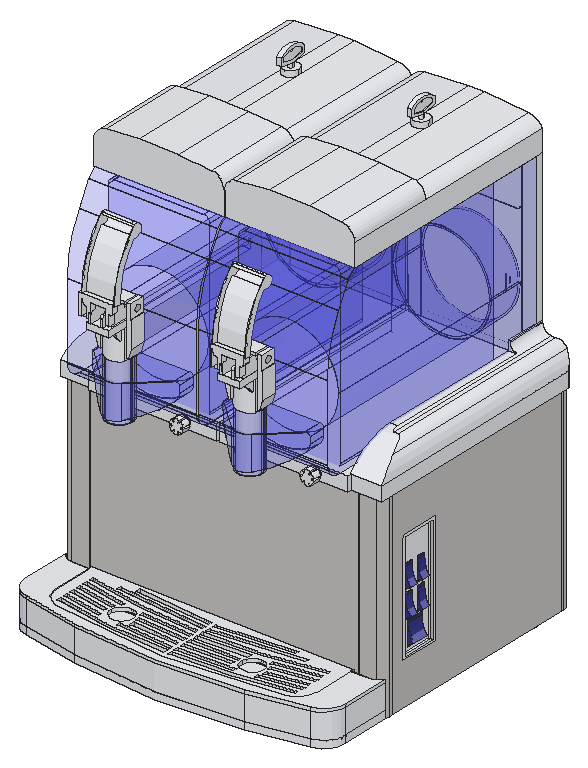
Revit family "QF_ELECTROLUXPROFESSIONAL_560101_SP2NewUV", category Specialty Equipment, Revit 2018
Family settings
  Round Connector Dimension = Use Diameter
  Part Type = Normal
  Work Plane-Based = No
  Always vertical = Yes
  Cut with Voids When Loaded = No
  Shared = No
  Room Calculation Point = No
Parameters (values of type "Standard")
  Watts = 0 W
  Volts = 220 V
  URL Manufacturer = "http://professional.electrolux.com"
  URL = "http://professional.electrolux.com"
  Steam Supply Size = 0 mm
  Steam Supply Minimum Pressure = 0.0 Pa
  Steam Supply Maximum Pressure = 0.0 Pa
  Steam Pounds per Hour = 0
  Refrigeration Suction Line Size = 0 mm
  Refrigeration Liquid Line Size = 0 mm
  Refrigerant Compressor Remote = yes
  Manufacturer = "Electrolux Professional"
  Phase = 1
  Model = "SP2NewUV"
  Length Actual = 447 mm  # constant formula
  Item Number = "560101"
  Hot Water Size = 0 mm
  Height Actual = 613 mm  # constant formula
  HP = "1.1 HP"
  Gas Size = 0 mm
  Gas KW = 0
  Gas Input Pressure = 0 W
  Direct Waste Size = 0 mm
  Description = "2x5 LITERS BOWL - FROZEN GRANITA AND FROZEN CREAM DISPENSER -  2 INSULATED BOWL - UV LIGHT"
  Depth Actual = 442 mm  # constant formula
  Cycle = 50 Hz
  Condensate Return Size = 0 mm
  Compressed Air Volume = 0.0 L/s
  Compressed Air Size = 0 mm
  Compressed Air Pressure = 0.0 Pa
  Cold Water Size = 0 mm
  Accessory = yes
Reference planes
  plane 1 "Center (Front/Back)": y = 0
  plane 2 "BASE": z = 0
  plane 3 "Center (Left/Right)": x = 0
  plane 4 "FEET": z = 14
  plane 5 "BACK": y = 212
  plane 6 "LEFT": x = -223.5
  plane 7 "RIGHT": x = 223.5
  plane 8: y = 169
  plane 9: y = -118.5
  plane 10 "BackButton": z = 362.798
  plane 11 "TOP": z = 640
  plane 12 "FRONT": y = -230
Forms (mm)
  Extrusion 1, solid, material "QF_Finishes_Rubber Black"
    sketch origin (-29, 0, 0) x (1, 0, 0) y (0, 1, 0)
      loop
        circle (-163.5, 169) r 12.5
    from 0 to 3
  Blend 2, solid
    base sketch origin (-29, 0, 0) x (1, 0, 0) y (0, 1, 0)
      loop
        circle (-163.5, 169) r 15.5
    top sketch origin (-29, 0, 0) x (1, 0, 0) y (0, 1, 0)
      loop
        circle (-163.5, 169) r 17
    from 3 to 14
  Extrusion 3, solid, material "QF_Finishes_Rubber Black"
    sketch origin (171, 0, 0) x (1, 0, 0) y (0, 1, 0)
      loop
        circle (21.5, 169) r 12.5
    from 0 to 3
  Blend 4, solid
    base sketch origin (171, 0, 0) x (1, 0, 0) y (0, 1, 0)
      loop
        circle (21.5, 169) r 15.5
    top sketch origin (171, 0, 0) x (1, 0, 0) y (0, 1, 0)
      loop
        circle (21.5, 169) r 17
    from 3 to 14
  Extrusion 5, solid, material "QF_Finishes_Rubber Black"
    sketch origin (171, -267.5, 0) x (1, 0, 0) y (0, 1, 0)
      loop
        circle (21.5, 186.5) r 12.5
    from 0 to 3
  Blend 6, solid
    base sketch origin (171, -267.5, 0) x (1, 0, 0) y (0, 1, 0)
      loop
        circle (21.5, 186.5) r 15.5
    top sketch origin (171, -267.5, 0) x (1, 0, 0) y (0, 1, 0)
      loop
        circle (21.5, 186.5) r 17
    from 3 to 14
  Extrusion 7, solid, material "QF_Finishes_Rubber Black"
    sketch origin (-29, -267.5, 0) x (1, 0, 0) y (0, 1, 0)
      loop
        circle (-163.5, 186.5) r 12.5
    from 0 to 3
  Blend 8, solid
    base sketch origin (-29, -267.5, 0) x (1, 0, 0) y (0, 1, 0)
      loop
        circle (-163.5, 186.5) r 15.5
    top sketch origin (-29, -267.5, 0) x (1, 0, 0) y (0, 1, 0)
      loop
        circle (-163.5, 186.5) r 17
    from 3 to 14
  Extrusion 9, solid, material "QF_Finishes_Stainless Steel"
    sketch origin (-198, 50, 14) x (-1, 0, 0) y (0, -1, 0)
      loop
        circle (-21.5, 81) r 10
    from 0 to -10
  Extrusion 10, solid, material "QF_Finishes_Stainless Steel"
    sketch origin (223.5, 0, 0) x (0, -1, 0) y (0, 0, 1)
      loop
        line (-195.256, 14) -> (96.764, 14) -> (96.764, 286) -> (-195.256, 286) -> (-195.256, 14)
      loop
        line (75.773, 225.287) -> (25.71, 225.287) -> (25.71, 75.287) -> (75.773, 75.287) -> (75.773, 225.287)
    from 6 to 3
  Extrusion 11, solid, material "QF_Finishes_Stainless Steel"
    sketch origin (-225.5, 0, 0) x (0, -1, 0) y (0, 0, -1)
      loop
        line (-195.256, -14) -> (-195.256, -286) -> (96.764, -286) -> (96.764, -14) -> (-195.256, -14)
    from 8 to 5
  Extrusion 12, solid, material "QF_Finishes_Stainless Steel"
    sketch origin (0, 0, 14) x (-1, 0, 0) y (0, -1, 0)
      loop
        line (-220.5, 100.829) -> (-220.5, 96.764) -> (-217.5, 96.764) -> (-217.5, 100.829)
        arc (-217.5, 100.829) -> (-215.45, 105.778) -> (-210.5, 107.829) r 7
        line (-210.5, 107.829) -> (-185.657, 107.829) -> (-185.657, 110.829) -> (-210.5, 110.829)
        arc (-210.5, 110.829) -> (-217.571, 107.9) -> (-220.5, 100.829) r 10
    from 0 to 272
  Extrusion 13, solid, material "QF_Finishes_Stainless Steel"
    sketch origin (0, 0, 14) x (1, 0, 0) y (0, 1, 0)
      loop
        arc (-220.5, -100.829) -> (-217.571, -107.9) -> (-210.5, -110.829) r 10
        line (-210.5, -110.829) -> (-185.657, -110.829) -> (-185.657, -107.829) -> (-210.5, -107.829)
        arc (-210.5, -107.829) -> (-215.45, -105.778) -> (-217.5, -100.829) r 7
        line (-217.5, -100.829) -> (-217.5, -96.764) -> (-220.5, -96.764) -> (-220.5, -100.829)
    from 0 to 272
  Extrusion 14, solid, material "QF_Finishes_Stainless Steel"
    sketch origin (0, 98.492, 14) x (-1, 0, 0) y (0, -1, 0)
      loop
        arc (-220.5, -100.829) -> (-217.571, -107.9) -> (-210.5, -110.829) r 10
        line (-210.5, -110.829) -> (-185.657, -110.829) -> (-185.657, -107.829) -> (-210.5, -107.829)
        arc (-210.5, -107.829) -> (-215.45, -105.778) -> (-217.5, -100.829) r 7
        line (-217.5, -100.829) -> (-217.5, -96.764) -> (-220.5, -96.764) -> (-220.5, -100.829)
    from 0 to 272
  Extrusion 15, solid, material "QF_Finishes_Stainless Steel"
    sketch origin (0, 98.492, 14) x (1, 0, 0) y (0, 1, 0)
      loop
        line (-220.5, 100.829) -> (-220.5, 96.764) -> (-217.5, 96.764) -> (-217.5, 100.829)
        arc (-217.5, 100.829) -> (-215.45, 105.778) -> (-210.5, 107.829) r 7
        line (-210.5, 107.829) -> (-185.657, 107.829) -> (-185.657, 110.829) -> (-210.5, 110.829)
        arc (-210.5, 110.829) -> (-217.571, 107.9) -> (-220.5, 100.829) r 10
    from 0 to 272
  Extrusion 16, solid, material "QF_Finishes_White"
    sketch origin (0, 0, 14) x (-1, 0, 0) y (0, -1, 0)
      loop
        line (185.657, -209.321) -> (185.657, -206.321) -> (-185.657, -206.321) -> (-185.657, -209.321) -> (185.657, -209.321)
    from 0 to 272
  Extrusion 17, solid, material "QF_Finishes_Stainless Steel"
    sketch origin (0, 0, 14) x (-1, 0, 0) y (0, -1, 0)
      loop
        line (185.657, 107.829) -> (185.657, 110.829) -> (-185.657, 110.829) -> (-185.657, 107.829) -> (185.657, 107.829)
    from 0 to 272
  Extrusion 18, solid, material "QF_Finishes_White"
    sketch origin (0, 0, 0) x (0, 1, 0) y (0, 0, 1)
      loop
        line (-77.773, 227.287) -> (-77.773, 73.287) -> (-23.71, 73.287) -> (-23.71, 227.287) -> (-77.773, 227.287)
    from 210.5 to 220.5
  Extrusion 19, void
    sketch origin (0, 0, 0) x (0, 1, 0) y (0, 0, 1)
      loop
        line (-75.773, 225.287) -> (-75.773, 75.287) -> (-25.71, 75.287) -> (-25.71, 225.287) -> (-75.773, 225.287)
    from 212.5 to 220.5
  Extrusion 20, solid, material "QF_Finishes_Rubber Black"
    sketch origin (0, -225, 0) x (-1, 0, 0) y (0, 0, 1)
      loop
        line (-212.5, 113.524) -> (-214.745, 113.524) -> (-214.745, 110.624)
        arc (-214.745, 110.624) -> (-216.502, 98.098) -> (-221.637, 86.539) r 45.529
        line (-221.637, 86.539) -> (-214.745, 83.471) -> (-214.745, 81.362) -> (-212.5, 81.362) -> (-212.5, 113.524)
    from 186 to 163
  Extrusion 21, solid, material "QF_Finishes_Rubber Black"
    sketch origin (0, -225, 0) x (-1, 0, 0) y (0, 0, 1)
      loop
        line (-212.5, 185.457) -> (-214.745, 185.457) -> (-214.745, 182.557)
        arc (-214.745, 182.557) -> (-216.502, 170.032) -> (-221.637, 158.473) r 45.529
        line (-221.637, 158.473) -> (-214.745, 155.405) -> (-214.745, 153.296) -> (-212.5, 153.296) -> (-212.5, 185.457)
    from 190 to 180
  Extrusion 22, solid, material "QF_Finishes_Rubber Black"
    sketch origin (0, -225, 0) x (-1, 0, 0) y (0, 0, 1)
      loop
        line (-212.5, 148.728) -> (-214.745, 148.728) -> (-214.745, 145.828)
        arc (-214.745, 145.828) -> (-216.502, 133.303) -> (-221.637, 121.744) r 45.529
        line (-221.637, 121.744) -> (-214.745, 118.675) -> (-214.745, 116.567) -> (-212.5, 116.567) -> (-212.5, 148.728)
    from 190 to 180
  Extrusion 23, solid, material "QF_Finishes_Rubber Black"
    sketch origin (0, 123.518, 0) x (-1, 0, 0) y (0, 0, -1)
      loop
        line (-212.5, -185.457) -> (-212.5, -153.296) -> (-214.745, -153.296) -> (-214.745, -155.405) -> (-221.637, -158.473)
        arc (-221.637, -158.473) -> (-216.502, -170.032) -> (-214.745, -182.557) r 45.529
        line (-214.745, -182.557) -> (-214.745, -185.457) -> (-212.5, -185.457)
    from 190 to 180
  Extrusion 24, solid, material "QF_Finishes_Rubber Black"
    sketch origin (0, 123.518, 0) x (-1, 0, 0) y (0, 0, -1)
      loop
        line (-212.5, -148.728) -> (-212.5, -116.567) -> (-214.745, -116.567) -> (-214.745, -118.675) -> (-221.637, -121.744)
        arc (-221.637, -121.744) -> (-216.502, -133.303) -> (-214.745, -145.828) r 45.529
        line (-214.745, -145.828) -> (-214.745, -148.728) -> (-212.5, -148.728)
    from 190 to 180
  Extrusion 25, solid, material "QF_Finishes_White"
    sketch origin (0, 0, 14) x (-1, 0, 0) y (0, -1, 0)
      loop
        arc (203.5, 118) -> (213.228, 115.474) -> (220.5, 108.536) r 20
        line (220.5, 108.536) -> (220.5, 176.53)
        arc (220.5, 176.53) -> (213.649, 195.612) -> (196.224, 205.979) r 30
        line (196.224, 205.979) -> (117.634, 221.255)
        arc (117.634, 221.255) -> (0, 230) -> (-117.634, 221.255) r 795.559
        line (-117.634, 221.255) -> (-196.224, 205.979)
        arc (-196.224, 205.979) -> (-213.649, 195.612) -> (-220.5, 176.53) r 30
        line (-220.5, 176.53) -> (-220.5, 108.536)
        arc (-220.5, 108.536) -> (-213.228, 115.474) -> (-203.5, 118) r 20
        line (-203.5, 118) -> (-180.657, 118) -> (-180.657, 174.118)
        arc (-180.657, 174.118) -> (-173.912, 193.071) -> (-156.71, 203.501) r 30
        arc (-156.71, 203.501) -> (0, 219.475) -> (156.71, 203.501) r 776.665
        arc (156.71, 203.501) -> (173.912, 193.071) -> (180.657, 174.118) r 30
        line (180.657, 174.118) -> (180.657, 118) -> (203.5, 118)
    from 0 to 49
  Extrusion 26, solid, material "QF_Finishes_White"
    sketch origin (0, 0, 14) x (-1, 0, 0) y (0, -1, 0)
      loop
        line (220.5, 108.536) -> (220.5, 176.53)
        arc (220.5, 176.53) -> (213.649, 195.612) -> (196.224, 205.979) r 30
        line (196.224, 205.979) -> (117.634, 221.255)
        arc (117.634, 221.255) -> (0, 230) -> (-117.634, 221.255) r 795.559
        line (-117.634, 221.255) -> (-196.224, 205.979)
        arc (-196.224, 205.979) -> (-213.649, 195.612) -> (-220.5, 176.53) r 30
        line (-220.5, 176.53) -> (-220.5, 108.536)
        arc (-220.5, 108.536) -> (-213.228, 115.474) -> (-203.5, 118) r 20
        line (-203.5, 118) -> (-180, 118) -> (-180, 113) -> (180, 113) -> (180, 118) -> (203.5, 118)
        arc (203.5, 118) -> (213.228, 115.474) -> (220.5, 108.536) r 20
    from 45 to 49
  Extrusion 27, solid, material "QF_Finishes_White"
    sketch origin (0, 0, 14) x (-1, 0, 0) y (0, -1, 0)
      loop
        line (220.5, 108.536) -> (220.5, 176.53)
        arc (220.5, 176.53) -> (213.649, 195.612) -> (196.224, 205.979) r 30
        line (196.224, 205.979) -> (117.634, 221.255)
        arc (117.634, 221.255) -> (0, 230) -> (-117.634, 221.255) r 795.559
        line (-117.634, 221.255) -> (-196.224, 205.979)
        arc (-196.224, 205.979) -> (-213.649, 195.612) -> (-220.5, 176.53) r 30
        line (-220.5, 176.53) -> (-220.5, 108.536)
        arc (-220.5, 108.536) -> (-213.228, 115.474) -> (-203.5, 118) r 20
        line (-203.5, 118) -> (-180, 118) -> (-180, 113) -> (180, 113) -> (180, 118) -> (203.5, 118)
        arc (203.5, 118) -> (213.228, 115.474) -> (220.5, 108.536) r 20
    from 0 to 10
  Extrusion 28, void
    sketch origin (0, 0, 14) x (-1, 0, 0) y (0, -1, 0)
      loop
        circle (90, 174.177) r 15.5
      loop
        arc (164.485, 193.398) -> (84.102, 206.528) -> (2.783, 211.117) r 772.106
        line (2.783, 211.117) -> (2.783, 205.117)
        arc (2.783, 205.117) -> (84.109, 200.491) -> (164.485, 187.256) r 766.106
        line (164.485, 187.256) -> (164.485, 193.398)
      loop
        line (2.783, 200.117) -> (2.783, 194.117)
        arc (2.783, 194.117) -> (41.62, 192.974) -> (80.347, 189.836) r 755.106
        line (80.347, 189.836) -> (80.347, 195.869)
        arc (80.347, 195.869) -> (41.619, 198.984) -> (2.783, 200.117) r 761.106
      loop
        line (2.783, 189.117) -> (2.783, 183.117)
        arc (2.783, 183.117) -> (36.168, 182.243) -> (69.481, 179.871) r 744.106
        line (69.481, 179.871) -> (69.481, 185.897)
        arc (69.481, 185.897) -> (36.168, 188.25) -> (2.783, 189.117) r 750.106
      loop
        line (2.783, 178.117) -> (2.783, 172.117)
        arc (2.783, 172.117) -> (37.054, 171.185) -> (71.244, 168.652) r 733.106
        line (71.244, 168.652) -> (71.244, 174.681)
        arc (71.244, 174.681) -> (37.054, 177.193) -> (2.783, 178.117) r 739.106
      loop
        line (2.783, 167.117) -> (2.783, 161.117)
        arc (2.783, 161.117) -> (38.826, 160.078) -> (74.773, 157.241) r 722.106
        line (74.773, 157.241) -> (74.773, 163.273)
        arc (74.773, 163.273) -> (38.825, 166.086) -> (2.783, 167.117) r 728.106
      loop
        line (2.783, 156.117) -> (2.783, 150.117)
        arc (2.783, 150.117) -> (84.188, 145.121) -> (164.485, 130.837) r 711.106
        line (164.485, 130.837) -> (164.485, 137.003)
        arc (164.485, 137.003) -> (84.178, 151.165) -> (2.783, 156.117) r 717.106
      loop
        line (107.446, 192.5) -> (107.446, 186.439)
        arc (107.446, 186.439) -> (136.066, 181.762) -> (164.485, 175.99) r 755.106
        line (164.485, 175.99) -> (164.485, 182.136)
        arc (164.485, 182.136) -> (136.064, 187.861) -> (107.446, 192.5) r 761.106
      loop
        line (110.037, 181.007) -> (110.037, 174.941)
        arc (110.037, 174.941) -> (137.356, 170.335) -> (164.485, 164.715) r 744.106
        line (164.485, 164.715) -> (164.485, 170.866)
        arc (164.485, 170.866) -> (137.355, 176.439) -> (110.037, 181.007) r 750.106
      loop
        line (107.446, 170.271) -> (107.446, 164.206)
        arc (107.446, 164.206) -> (136.072, 159.383) -> (164.485, 153.432) r 733.106
        line (164.485, 153.432) -> (164.485, 159.587)
        arc (164.485, 159.587) -> (136.071, 165.489) -> (107.446, 170.271) r 739.106
      loop
        line (101.843, 159.965) -> (101.843, 153.904)
        arc (101.843, 153.904) -> (133.294, 148.713) -> (164.485, 142.139) r 722.106
        line (164.485, 142.139) -> (164.485, 148.3)
        arc (164.485, 148.3) -> (133.292, 154.818) -> (101.843, 159.965) r 728.106
      loop
        line (2.763, 145.117) -> (2.763, 139.117)
        arc (2.763, 139.117) -> (66.368, 135.969) -> (129.424, 127.055) r 700.106
        line (129.424, 127.055) -> (129.424, 133.16)
        arc (129.424, 133.16) -> (66.364, 141.997) -> (2.763, 145.117) r 706.106
      loop
        line (2.72, 134.117) -> (2.72, 128.117)
        arc (2.72, 128.117) -> (56.552, 125.798) -> (110.037, 119.28) r 689.106
        line (110.037, 119.28) -> (110.037, 125.358)
        arc (110.037, 125.358) -> (56.549, 131.818) -> (2.72, 134.117) r 695.106
      loop
        circle (-90, 174.177) r 15.5
      loop
        line (-164.485, 193.398) -> (-164.485, 187.256)
        arc (-164.485, 187.256) -> (-84.109, 200.491) -> (-2.783, 205.117) r 766.106
        line (-2.783, 205.117) -> (-2.783, 211.117)
        arc (-2.783, 211.117) -> (-84.102, 206.528) -> (-164.485, 193.398) r 772.106
      loop
        arc (-2.783, 200.117) -> (-41.619, 198.984) -> (-80.347, 195.869) r 761.106
        line (-80.347, 195.869) -> (-80.347, 189.836)
        arc (-80.347, 189.836) -> (-41.62, 192.974) -> (-2.783, 194.117) r 755.106
        line (-2.783, 194.117) -> (-2.783, 200.117)
      loop
        arc (-2.783, 189.117) -> (-36.168, 188.25) -> (-69.481, 185.897) r 750.106
        line (-69.481, 185.897) -> (-69.481, 179.871)
        arc (-69.481, 179.871) -> (-36.168, 182.243) -> (-2.783, 183.117) r 744.106
        line (-2.783, 183.117) -> (-2.783, 189.117)
      loop
        arc (-2.783, 178.117) -> (-37.054, 177.193) -> (-71.244, 174.681) r 739.106
        line (-71.244, 174.681) -> (-71.244, 168.652)
        arc (-71.244, 168.652) -> (-37.054, 171.185) -> (-2.783, 172.117) r 733.106
        line (-2.783, 172.117) -> (-2.783, 178.117)
      loop
        arc (-2.783, 167.117) -> (-38.825, 166.086) -> (-74.773, 163.273) r 728.106
        line (-74.773, 163.273) -> (-74.773, 157.241)
        arc (-74.773, 157.241) -> (-38.826, 160.078) -> (-2.783, 161.117) r 722.106
        line (-2.783, 161.117) -> (-2.783, 167.117)
      loop
        arc (-2.783, 156.117) -> (-84.178, 151.165) -> (-164.485, 137.003) r 717.106
        line (-164.485, 137.003) -> (-164.485, 130.837)
        arc (-164.485, 130.837) -> (-84.188, 145.121) -> (-2.783, 150.117) r 711.106
        line (-2.783, 150.117) -> (-2.783, 156.117)
      loop
        arc (-107.446, 192.5) -> (-136.064, 187.861) -> (-164.485, 182.136) r 761.106
        line (-164.485, 182.136) -> (-164.485, 175.99)
        arc (-164.485, 175.99) -> (-136.066, 181.762) -> (-107.446, 186.439) r 755.106
        line (-107.446, 186.439) -> (-107.446, 192.5)
      loop
        arc (-110.037, 181.007) -> (-137.355, 176.439) -> (-164.485, 170.866) r 750.106
        line (-164.485, 170.866) -> (-164.485, 164.715)
        arc (-164.485, 164.715) -> (-137.356, 170.335) -> (-110.037, 174.941) r 744.106
        line (-110.037, 174.941) -> (-110.037, 181.007)
      loop
        arc (-107.446, 170.271) -> (-136.071, 165.489) -> (-164.485, 159.587) r 739.106
        line (-164.485, 159.587) -> (-164.485, 153.432)
        arc (-164.485, 153.432) -> (-136.072, 159.383) -> (-107.446, 164.206) r 733.106
        line (-107.446, 164.206) -> (-107.446, 170.271)
      loop
        arc (-101.843, 159.965) -> (-133.292, 154.818) -> (-164.485, 148.3) r 728.106
        line (-164.485, 148.3) -> (-164.485, 142.139)
        arc (-164.485, 142.139) -> (-133.294, 148.713) -> (-101.843, 153.904) r 722.106
        line (-101.843, 153.904) -> (-101.843, 159.965)
      loop
        arc (-2.763, 145.117) -> (-66.364, 141.997) -> (-129.424, 133.16) r 706.106
        line (-129.424, 133.16) -> (-129.424, 127.055)
        arc (-129.424, 127.055) -> (-66.368, 135.969) -> (-2.763, 139.117) r 700.106
        line (-2.763, 139.117) -> (-2.763, 145.117)
      loop
        arc (-2.72, 134.117) -> (-56.549, 131.818) -> (-110.037, 125.358) r 695.106
        line (-110.037, 125.358) -> (-110.037, 119.28)
        arc (-110.037, 119.28) -> (-56.552, 125.798) -> (-2.72, 128.117) r 689.106
        line (-2.72, 128.117) -> (-2.72, 134.117)
    from 35.454 to 54.996
  Extrusion 29, solid, material "QF_Clearances", detail levels coarse
    sketch origin (888.173, -11.659, 0) x (1, 0, 0) y (0, 1, 0)
      loop
        line (-1111.81, -218.341) -> (-1111.81, 223.659) -> (-664.81, 223.659) -> (-664.81, -218.341) -> (-464.81, -218.341) -> (-464.81, 423.659) -> (-1311.81, 423.659) -> (-1311.81, -218.341) -> (-1111.81, -218.341)
    from 0 to 640
Cuts and joins
  Extrusion 19 cuts Extrusion 18
  Extrusion 28 cuts Extrusion 26
  Extrusion 28 cuts Extrusion 27
Lines and regions (mm)
  Split face 1
    outline origin (220.5, 154.141, 0) x (0, -1, 0) y (0, 0, 1)
      loop
        line (54.641, 200.213) -> (-10.359, 200.213) -> (-14.859, 192.213) -> (59.141, 192.213) -> (54.641, 200.213)
  Split face 2
    outline origin (220.5, 154.141, -10) x (0, -1, 0) y (0, 0, 1)
      loop
        line (54.641, 200.213) -> (-10.359, 200.213) -> (-14.859, 192.213) -> (59.141, 192.213) -> (54.641, 200.213)
  Split face 3
    outline origin (220.5, 154.141, -20) x (0, -1, 0) y (0, 0, 1)
      loop
        line (54.641, 200.213) -> (-10.359, 200.213) -> (-14.859, 192.213) -> (59.141, 192.213) -> (54.641, 200.213)
  Split face 4
    outline origin (220.5, 154.141, -30) x (0, -1, 0) y (0, 0, 1)
      loop
        line (54.641, 200.213) -> (-10.359, 200.213) -> (-14.859, 192.213) -> (59.141, 192.213) -> (54.641, 200.213)
  Split face 5
    outline origin (220.5, 154.141, -40) x (0, -1, 0) y (0, 0, 1)
      loop
        line (54.641, 200.213) -> (-10.359, 200.213) -> (-14.859, 192.213) -> (59.141, 192.213) -> (54.641, 200.213)
  Split face 6
    outline origin (220.5, 154.141, -50) x (0, -1, 0) y (0, 0, 1)
      loop
        line (54.641, 200.213) -> (-10.359, 200.213) -> (-14.859, 192.213) -> (59.141, 192.213) -> (54.641, 200.213)
  Split face 7
    outline origin (220.5, 154.141, -60) x (0, -1, 0) y (0, 0, 1)
      loop
        line (54.641, 200.213) -> (-10.359, 200.213) -> (-14.859, 192.213) -> (59.141, 192.213) -> (54.641, 200.213)
  Split face 8
    outline origin (220.5, 154.141, -70) x (0, -1, 0) y (0, 0, 1)
      loop
        line (54.641, 200.213) -> (-10.359, 200.213) -> (-14.859, 192.213) -> (59.141, 192.213) -> (54.641, 200.213)
  Split face 9
    outline origin (220.5, 154.141, -80) x (0, -1, 0) y (0, 0, 1)
      loop
        line (54.641, 200.213) -> (-10.359, 200.213) -> (-14.859, 192.213) -> (59.141, 192.213) -> (54.641, 200.213)
  Split face 10
    outline origin (220.5, 154.141, -90) x (0, -1, 0) y (0, 0, 1)
      loop
        line (54.641, 200.213) -> (-10.359, 200.213) -> (-14.859, 192.213) -> (59.141, 192.213) -> (54.641, 200.213)
  Split face 11
    outline origin (220.5, 154.141, -100) x (0, -1, 0) y (0, 0, 1)
      loop
        line (54.641, 200.213) -> (-10.359, 200.213) -> (-14.859, 192.213) -> (59.141, 192.213) -> (54.641, 200.213)
  Split face 12
    outline origin (220.5, 154.141, -110) x (0, -1, 0) y (0, 0, 1)
      loop
        line (54.641, 200.213) -> (-10.359, 200.213) -> (-14.859, 192.213) -> (59.141, 192.213) -> (54.641, 200.213)
  Split face 13
    outline origin (220.5, 154.141, -120) x (0, -1, 0) y (0, 0, 1)
      loop
        line (54.641, 200.213) -> (-10.359, 200.213) -> (-14.859, 192.213) -> (59.141, 192.213) -> (54.641, 200.213)
  Split face 14
    outline origin (220.5, 154.141, -130) x (0, -1, 0) y (0, 0, 1)
      loop
        line (54.641, 200.213) -> (-10.359, 200.213) -> (-14.859, 192.213) -> (59.141, 192.213) -> (54.641, 200.213)
  Split face 15
    outline origin (220.5, 154.141, -140) x (0, -1, 0) y (0, 0, 1)
      loop
        line (54.641, 200.213) -> (-10.359, 200.213) -> (-14.859, 192.213) -> (59.141, 192.213) -> (54.641, 200.213)
  Split face 16
    outline origin (220.5, 154.141, -150) x (0, -1, 0) y (0, 0, 1)
      loop
        line (54.641, 200.213) -> (-10.359, 200.213) -> (-14.859, 192.213) -> (59.141, 192.213) -> (54.641, 200.213)
  Split face 17
    outline origin (220.5, 154.141, 70) x (0, -1, 0) y (0, 0, 1)
      loop
        line (54.641, 200.213) -> (-10.359, 200.213) -> (-14.859, 192.213) -> (59.141, 192.213) -> (54.641, 200.213)
  Split face 18
    outline origin (220.5, 154.141, 60) x (0, -1, 0) y (0, 0, 1)
      loop
        line (54.641, 200.213) -> (-10.359, 200.213) -> (-14.859, 192.213) -> (59.141, 192.213) -> (54.641, 200.213)
  Split face 19
    outline origin (220.5, 154.141, 50) x (0, -1, 0) y (0, 0, 1)
      loop
        line (54.641, 200.213) -> (-10.359, 200.213) -> (-14.859, 192.213) -> (59.141, 192.213) -> (54.641, 200.213)
  Split face 20
    outline origin (220.5, 154.141, 40) x (0, -1, 0) y (0, 0, 1)
      loop
        line (54.641, 200.213) -> (-10.359, 200.213) -> (-14.859, 192.213) -> (59.141, 192.213) -> (54.641, 200.213)
  Split face 21
    outline origin (220.5, 154.141, 30) x (0, -1, 0) y (0, 0, 1)
      loop
        line (54.641, 200.213) -> (-10.359, 200.213) -> (-14.859, 192.213) -> (59.141, 192.213) -> (54.641, 200.213)
  Split face 22
    outline origin (220.5, 154.141, 20) x (0, -1, 0) y (0, 0, 1)
      loop
        line (54.641, 200.213) -> (-10.359, 200.213) -> (-14.859, 192.213) -> (59.141, 192.213) -> (54.641, 200.213)
  Split face 23
    outline origin (220.5, 154.141, 10) x (0, -1, 0) y (0, 0, 1)
      loop
        line (54.641, 200.213) -> (-10.359, 200.213) -> (-14.859, 192.213) -> (59.141, 192.213) -> (54.641, 200.213)
  Split face 24
    outline origin (-220.5, -2.859, 0) x (0, -1, 0) y (0, 0, -1)
      loop
        line (-30.859, -262.213) -> (-104.859, -262.213) -> (-100.359, -270.213) -> (-35.359, -270.213) -> (-30.859, -262.213)
  Split face 25
    outline origin (-220.5, -2.859, 0) x (0, -1, 0) y (0, 0, -1)
      loop
        line (-30.859, -252.213) -> (-104.859, -252.213) -> (-100.359, -260.213) -> (-35.359, -260.213) -> (-30.859, -252.213)
  Split face 26
    outline origin (-220.5, -2.859, 0) x (0, -1, 0) y (0, 0, -1)
      loop
        line (-30.859, -242.213) -> (-104.859, -242.213) -> (-100.359, -250.213) -> (-35.359, -250.213) -> (-30.859, -242.213)
  Split face 27
    outline origin (-220.5, -2.859, -20) x (0, -1, 0) y (0, 0, -1)
      loop
        line (-30.859, -252.213) -> (-104.859, -252.213) -> (-100.359, -260.213) -> (-35.359, -260.213) -> (-30.859, -252.213)
  Split face 28
    outline origin (-220.5, -2.859, -20) x (0, -1, 0) y (0, 0, -1)
      loop
        line (-30.859, -242.213) -> (-104.859, -242.213) -> (-100.359, -250.213) -> (-35.359, -250.213) -> (-30.859, -242.213)
  Split face 29
    outline origin (-220.5, -2.859, -40) x (0, -1, 0) y (0, 0, -1)
      loop
        line (-30.859, -252.213) -> (-104.859, -252.213) -> (-100.359, -260.213) -> (-35.359, -260.213) -> (-30.859, -252.213)
  Split face 30
    outline origin (-220.5, -2.859, -40) x (0, -1, 0) y (0, 0, -1)
      loop
        line (-30.859, -242.213) -> (-104.859, -242.213) -> (-100.359, -250.213) -> (-35.359, -250.213) -> (-30.859, -242.213)
  Split face 31
    outline origin (-220.5, -2.859, -60) x (0, -1, 0) y (0, 0, -1)
      loop
        line (-30.859, -252.213) -> (-104.859, -252.213) -> (-100.359, -260.213) -> (-35.359, -260.213) -> (-30.859, -252.213)
  Split face 32
    outline origin (-220.5, -2.859, -60) x (0, -1, 0) y (0, 0, -1)
      loop
        line (-30.859, -242.213) -> (-104.859, -242.213) -> (-100.359, -250.213) -> (-35.359, -250.213) -> (-30.859, -242.213)
  Split face 33
    outline origin (-220.5, -2.859, -80) x (0, -1, 0) y (0, 0, -1)
      loop
        line (-30.859, -252.213) -> (-104.859, -252.213) -> (-100.359, -260.213) -> (-35.359, -260.213) -> (-30.859, -252.213)
  Split face 34
    outline origin (-220.5, -2.859, -80) x (0, -1, 0) y (0, 0, -1)
      loop
        line (-30.859, -242.213) -> (-104.859, -242.213) -> (-100.359, -250.213) -> (-35.359, -250.213) -> (-30.859, -242.213)
  Split face 35
    outline origin (-220.5, -2.859, -100) x (0, -1, 0) y (0, 0, -1)
      loop
        line (-30.859, -252.213) -> (-104.859, -252.213) -> (-100.359, -260.213) -> (-35.359, -260.213) -> (-30.859, -252.213)
  Split face 36
    outline origin (-220.5, -2.859, -100) x (0, -1, 0) y (0, 0, -1)
      loop
        line (-30.859, -242.213) -> (-104.859, -242.213) -> (-100.359, -250.213) -> (-35.359, -250.213) -> (-30.859, -242.213)
  Split face 37
    outline origin (-220.5, -2.859, -120) x (0, -1, 0) y (0, 0, -1)
      loop
        line (-30.859, -252.213) -> (-104.859, -252.213) -> (-100.359, -260.213) -> (-35.359, -260.213) -> (-30.859, -252.213)
  Split face 38
    outline origin (-220.5, -2.859, -120) x (0, -1, 0) y (0, 0, -1)
      loop
        line (-30.859, -242.213) -> (-104.859, -242.213) -> (-100.359, -250.213) -> (-35.359, -250.213) -> (-30.859, -242.213)
  Split face 39
    outline origin (-220.5, -2.859, -140) x (0, -1, 0) y (0, 0, -1)
      loop
        line (-30.859, -252.213) -> (-104.859, -252.213) -> (-100.359, -260.213) -> (-35.359, -260.213) -> (-30.859, -252.213)
  Split face 40
    outline origin (-220.5, -2.859, -140) x (0, -1, 0) y (0, 0, -1)
      loop
        line (-30.859, -242.213) -> (-104.859, -242.213) -> (-100.359, -250.213) -> (-35.359, -250.213) -> (-30.859, -242.213)
  Split face 41
    outline origin (-220.5, -2.859, -160) x (0, -1, 0) y (0, 0, -1)
      loop
        line (-30.859, -252.213) -> (-104.859, -252.213) -> (-100.359, -260.213) -> (-35.359, -260.213) -> (-30.859, -252.213)
  Split face 42
    outline origin (-220.5, -2.859, -160) x (0, -1, 0) y (0, 0, -1)
      loop
        line (-30.859, -242.213) -> (-104.859, -242.213) -> (-100.359, -250.213) -> (-35.359, -250.213) -> (-30.859, -242.213)
  Split face 43
    outline origin (-220.5, -2.859, -180) x (0, -1, 0) y (0, 0, -1)
      loop
        line (-30.859, -252.213) -> (-104.859, -252.213) -> (-100.359, -260.213) -> (-35.359, -260.213) -> (-30.859, -252.213)
  Split face 44
    outline origin (-220.5, -2.859, -180) x (0, -1, 0) y (0, 0, -1)
      loop
        line (-30.859, -242.213) -> (-104.859, -242.213) -> (-100.359, -250.213) -> (-35.359, -250.213) -> (-30.859, -242.213)
  Split face 45
    outline origin (-220.5, -2.859, -200) x (0, -1, 0) y (0, 0, -1)
      loop
        line (-30.859, -252.213) -> (-104.859, -252.213) -> (-100.359, -260.213) -> (-35.359, -260.213) -> (-30.859, -252.213)
  Split face 46
    outline origin (-220.5, -2.859, -200) x (0, -1, 0) y (0, 0, -1)
      loop
        line (-30.859, -242.213) -> (-104.859, -242.213) -> (-100.359, -250.213) -> (-35.359, -250.213) -> (-30.859, -242.213)
  Split face 47
    outline origin (-220.5, -92.859, 0) x (0, -1, 0) y (0, 0, -1)
      loop
        line (-30.859, -262.213) -> (-104.859, -262.213) -> (-100.359, -270.213) -> (-35.359, -270.213) -> (-30.859, -262.213)
  Split face 48
    outline origin (-220.5, -92.859, 0) x (0, -1, 0) y (0, 0, -1)
      loop
        line (-30.859, -252.213) -> (-104.859, -252.213) -> (-100.359, -260.213) -> (-35.359, -260.213) -> (-30.859, -252.213)
  Split face 49
    outline origin (-220.5, -92.859, 0) x (0, -1, 0) y (0, 0, -1)
      loop
        line (-30.859, -242.213) -> (-104.859, -242.213) -> (-100.359, -250.213) -> (-35.359, -250.213) -> (-30.859, -242.213)
  Split face 50
    outline origin (-220.5, -92.859, -20) x (0, -1, 0) y (0, 0, -1)
      loop
        line (-30.859, -252.213) -> (-104.859, -252.213) -> (-100.359, -260.213) -> (-35.359, -260.213) -> (-30.859, -252.213)
  Split face 51
    outline origin (-220.5, -92.859, -20) x (0, -1, 0) y (0, 0, -1)
      loop
        line (-30.859, -242.213) -> (-104.859, -242.213) -> (-100.359, -250.213) -> (-35.359, -250.213) -> (-30.859, -242.213)
  Split face 52
    outline origin (-220.5, -92.859, -40) x (0, -1, 0) y (0, 0, -1)
      loop
        line (-30.859, -252.213) -> (-104.859, -252.213) -> (-100.359, -260.213) -> (-35.359, -260.213) -> (-30.859, -252.213)
  Split face 53
    outline origin (-220.5, -92.859, -40) x (0, -1, 0) y (0, 0, -1)
      loop
        line (-30.859, -242.213) -> (-104.859, -242.213) -> (-100.359, -250.213) -> (-35.359, -250.213) -> (-30.859, -242.213)
  Split face 54
    outline origin (-220.5, -92.859, -60) x (0, -1, 0) y (0, 0, -1)
      loop
        line (-30.859, -252.213) -> (-104.859, -252.213) -> (-100.359, -260.213) -> (-35.359, -260.213) -> (-30.859, -252.213)
  Split face 55
    outline origin (-220.5, -92.859, -60) x (0, -1, 0) y (0, 0, -1)
      loop
        line (-30.859, -242.213) -> (-104.859, -242.213) -> (-100.359, -250.213) -> (-35.359, -250.213) -> (-30.859, -242.213)
  Split face 56
    outline origin (-220.5, -92.859, -80) x (0, -1, 0) y (0, 0, -1)
      loop
        line (-30.859, -252.213) -> (-104.859, -252.213) -> (-100.359, -260.213) -> (-35.359, -260.213) -> (-30.859, -252.213)
  Split face 57
    outline origin (-220.5, -92.859, -80) x (0, -1, 0) y (0, 0, -1)
      loop
        line (-30.859, -242.213) -> (-104.859, -242.213) -> (-100.359, -250.213) -> (-35.359, -250.213) -> (-30.859, -242.213)
  Split face 58
    outline origin (-220.5, -92.859, -100) x (0, -1, 0) y (0, 0, -1)
      loop
        line (-30.859, -252.213) -> (-104.859, -252.213) -> (-100.359, -260.213) -> (-35.359, -260.213) -> (-30.859, -252.213)
  Split face 59
    outline origin (-220.5, -92.859, -100) x (0, -1, 0) y (0, 0, -1)
      loop
        line (-30.859, -242.213) -> (-104.859, -242.213) -> (-100.359, -250.213) -> (-35.359, -250.213) -> (-30.859, -242.213)
  Split face 60
    outline origin (-220.5, -92.859, -120) x (0, -1, 0) y (0, 0, -1)
      loop
        line (-30.859, -252.213) -> (-104.859, -252.213) -> (-100.359, -260.213) -> (-35.359, -260.213) -> (-30.859, -252.213)
  Split face 61
    outline origin (-220.5, -92.859, -120) x (0, -1, 0) y (0, 0, -1)
      loop
        line (-30.859, -242.213) -> (-104.859, -242.213) -> (-100.359, -250.213) -> (-35.359, -250.213) -> (-30.859, -242.213)
  Split face 62
    outline origin (-220.5, -92.859, -140) x (0, -1, 0) y (0, 0, -1)
      loop
        line (-30.859, -252.213) -> (-104.859, -252.213) -> (-100.359, -260.213) -> (-35.359, -260.213) -> (-30.859, -252.213)
  Split face 63
    outline origin (-220.5, -92.859, -140) x (0, -1, 0) y (0, 0, -1)
      loop
        line (-30.859, -242.213) -> (-104.859, -242.213) -> (-100.359, -250.213) -> (-35.359, -250.213) -> (-30.859, -242.213)
  Split face 64
    outline origin (-220.5, -92.859, -160) x (0, -1, 0) y (0, 0, -1)
      loop
        line (-30.859, -252.213) -> (-104.859, -252.213) -> (-100.359, -260.213) -> (-35.359, -260.213) -> (-30.859, -252.213)
  Split face 65
    outline origin (-220.5, -92.859, -160) x (0, -1, 0) y (0, 0, -1)
      loop
        line (-30.859, -242.213) -> (-104.859, -242.213) -> (-100.359, -250.213) -> (-35.359, -250.213) -> (-30.859, -242.213)
  Split face 66
    outline origin (-220.5, -92.859, -180) x (0, -1, 0) y (0, 0, -1)
      loop
        line (-30.859, -252.213) -> (-104.859, -252.213) -> (-100.359, -260.213) -> (-35.359, -260.213) -> (-30.859, -252.213)
  Split face 67
    outline origin (-220.5, -92.859, -180) x (0, -1, 0) y (0, 0, -1)
      loop
        line (-30.859, -242.213) -> (-104.859, -242.213) -> (-100.359, -250.213) -> (-35.359, -250.213) -> (-30.859, -242.213)
  Split face 68
    outline origin (-220.5, -92.859, -200) x (0, -1, 0) y (0, 0, -1)
      loop
        line (-30.859, -252.213) -> (-104.859, -252.213) -> (-100.359, -260.213) -> (-35.359, -260.213) -> (-30.859, -252.213)
  Split face 69
    outline origin (-220.5, -92.859, -200) x (0, -1, 0) y (0, 0, -1)
      loop
        line (-30.859, -242.213) -> (-104.859, -242.213) -> (-100.359, -250.213) -> (-35.359, -250.213) -> (-30.859, -242.213)
  Split face 70
    outline origin (-183.458, 209.321, 14) x (1, 0, 0) y (0, 0, -1)
      loop
        line (19.909, -204.404) -> (29.909, -204.404) -> (29.909, -141.98) -> (19.909, -141.98) -> (19.909, -204.404)
  Split face 71
    outline origin (-170.409, 209.321, 14) x (1, 0, 0) y (0, 0, -1)
      loop
        line (19.909, -204.404) -> (29.909, -204.404) -> (29.909, -141.98) -> (19.909, -141.98) -> (19.909, -204.404)
  Split face 72
    outline origin (-157.409, 209.321, 14) x (1, 0, 0) y (0, 0, -1)
      loop
        line (19.909, -204.404) -> (29.909, -204.404) -> (29.909, -141.98) -> (19.909, -141.98) -> (19.909, -204.404)
  Split face 73
    outline origin (-144.409, 209.321, 14) x (1, 0, 0) y (0, 0, -1)
      loop
        line (19.909, -204.404) -> (29.909, -204.404) -> (29.909, -141.98) -> (19.909, -141.98) -> (19.909, -204.404)
  Split face 74
    outline origin (-131.409, 209.321, 14) x (1, 0, 0) y (0, 0, -1)
      loop
        line (19.909, -204.404) -> (29.909, -204.404) -> (29.909, -141.98) -> (19.909, -141.98) -> (19.909, -204.404)
  Split face 75
    outline origin (-118.409, 209.321, 14) x (1, 0, 0) y (0, 0, -1)
      loop
        line (19.909, -204.404) -> (29.909, -204.404) -> (29.909, -141.98) -> (19.909, -141.98) -> (19.909, -204.404)
  Split face 76
    outline origin (-3.542, 209.321, 14) x (-1, 0, 0) y (0, 0, 1)
      loop
        line (-165.091, 204.404) -> (-165.091, 141.98) -> (-155.091, 141.98) -> (-155.091, 204.404) -> (-165.091, 204.404)
  Split face 77
    outline origin (-16.591, 209.321, 14) x (-1, 0, 0) y (0, 0, 1)
      loop
        line (-165.091, 204.404) -> (-165.091, 141.98) -> (-155.091, 141.98) -> (-155.091, 204.404) -> (-165.091, 204.404)
  Split face 78
    outline origin (-29.591, 209.321, 14) x (-1, 0, 0) y (0, 0, 1)
      loop
        line (-165.091, 204.404) -> (-165.091, 141.98) -> (-155.091, 141.98) -> (-155.091, 204.404) -> (-165.091, 204.404)
  Split face 79
    outline origin (-42.591, 209.321, 14) x (-1, 0, 0) y (0, 0, 1)
      loop
        line (-165.091, 204.404) -> (-165.091, 141.98) -> (-155.091, 141.98) -> (-155.091, 204.404) -> (-165.091, 204.404)
  Split face 80
    outline origin (-55.591, 209.321, 14) x (-1, 0, 0) y (0, 0, 1)
      loop
        line (-165.091, 204.404) -> (-165.091, 141.98) -> (-155.091, 141.98) -> (-155.091, 204.404) -> (-165.091, 204.404)
  Split face 81
    outline origin (-183.458, 209.321, -53) x (1, 0, 0) y (0, 0, -1)
      loop
        line (19.909, -204.404) -> (29.909, -204.404) -> (29.909, -141.98) -> (19.909, -141.98) -> (19.909, -204.404)
  Split face 82
    outline origin (-170.409, 209.321, -53) x (1, 0, 0) y (0, 0, -1)
      loop
        line (19.909, -204.404) -> (29.909, -204.404) -> (29.909, -141.98) -> (19.909, -141.98) -> (19.909, -204.404)
  Split face 83
    outline origin (-157.409, 209.321, -53) x (1, 0, 0) y (0, 0, -1)
      loop
        line (19.909, -204.404) -> (29.909, -204.404) -> (29.909, -141.98) -> (19.909, -141.98) -> (19.909, -204.404)
  Split face 84
    outline origin (-144.409, 209.321, -53) x (1, 0, 0) y (0, 0, -1)
      loop
        line (19.909, -204.404) -> (29.909, -204.404) -> (29.909, -141.98) -> (19.909, -141.98) -> (19.909, -204.404)
  Split face 85
    outline origin (-131.409, 209.321, -53) x (1, 0, 0) y (0, 0, -1)
      loop
        line (19.909, -204.404) -> (29.909, -204.404) -> (29.909, -141.98) -> (19.909, -141.98) -> (19.909, -204.404)
  Split face 86
    outline origin (-118.409, 209.321, -53) x (1, 0, 0) y (0, 0, -1)
      loop
        line (19.909, -204.404) -> (29.909, -204.404) -> (29.909, -141.98) -> (19.909, -141.98) -> (19.909, -204.404)
  Split face 87
    outline origin (-3.542, 209.321, -53) x (-1, 0, 0) y (0, 0, 1)
      loop
        line (-165.091, 204.404) -> (-165.091, 141.98) -> (-155.091, 141.98) -> (-155.091, 204.404) -> (-165.091, 204.404)
  Split face 88
    outline origin (-16.591, 209.321, -53) x (-1, 0, 0) y (0, 0, 1)
      loop
        line (-165.091, 204.404) -> (-165.091, 141.98) -> (-155.091, 141.98) -> (-155.091, 204.404) -> (-165.091, 204.404)
  Split face 89
    outline origin (-29.591, 209.321, -53) x (-1, 0, 0) y (0, 0, 1)
      loop
        line (-165.091, 204.404) -> (-165.091, 141.98) -> (-155.091, 141.98) -> (-155.091, 204.404) -> (-165.091, 204.404)
  Split face 90
    outline origin (-42.591, 209.321, -53) x (-1, 0, 0) y (0, 0, 1)
      loop
        line (-165.091, 204.404) -> (-165.091, 141.98) -> (-155.091, 141.98) -> (-155.091, 204.404) -> (-165.091, 204.404)
  Split face 91
    outline origin (-55.591, 209.321, -53) x (-1, 0, 0) y (0, 0, 1)
      loop
        line (-165.091, 204.404) -> (-165.091, 141.98) -> (-155.091, 141.98) -> (-155.091, 204.404) -> (-165.091, 204.404)
  Split face 92
    outline origin (-183.458, 209.321, -120) x (1, 0, 0) y (0, 0, -1)
      loop
        line (19.909, -204.404) -> (29.909, -204.404) -> (29.909, -141.98) -> (19.909, -141.98) -> (19.909, -204.404)
  Split face 93
    outline origin (-170.409, 209.321, -120) x (1, 0, 0) y (0, 0, -1)
      loop
        line (19.909, -204.404) -> (29.909, -204.404) -> (29.909, -141.98) -> (19.909, -141.98) -> (19.909, -204.404)
  Split face 94
    outline origin (-157.409, 209.321, -120) x (1, 0, 0) y (0, 0, -1)
      loop
        line (19.909, -204.404) -> (29.909, -204.404) -> (29.909, -141.98) -> (19.909, -141.98) -> (19.909, -204.404)
  Split face 95
    outline origin (-144.409, 209.321, -120) x (1, 0, 0) y (0, 0, -1)
      loop
        line (19.909, -204.404) -> (29.909, -204.404) -> (29.909, -141.98) -> (19.909, -141.98) -> (19.909, -204.404)
  Split face 96
    outline origin (-131.409, 209.321, -120) x (1, 0, 0) y (0, 0, -1)
      loop
        line (19.909, -204.404) -> (29.909, -204.404) -> (29.909, -141.98) -> (19.909, -141.98) -> (19.909, -204.404)
  Split face 97
    outline origin (-118.409, 209.321, -120) x (1, 0, 0) y (0, 0, -1)
      loop
        line (19.909, -204.404) -> (29.909, -204.404) -> (29.909, -141.98) -> (19.909, -141.98) -> (19.909, -204.404)
  Split face 98
    outline origin (-3.542, 209.321, -120) x (-1, 0, 0) y (0, 0, 1)
      loop
        line (-165.091, 204.404) -> (-165.091, 141.98) -> (-155.091, 141.98) -> (-155.091, 204.404) -> (-165.091, 204.404)
  Split face 99
    outline origin (-16.591, 209.321, -120) x (-1, 0, 0) y (0, 0, 1)
      loop
        line (-165.091, 204.404) -> (-165.091, 141.98) -> (-155.091, 141.98) -> (-155.091, 204.404) -> (-165.091, 204.404)
  Split face 100
    outline origin (-29.591, 209.321, -120) x (-1, 0, 0) y (0, 0, 1)
      loop
        line (-165.091, 204.404) -> (-165.091, 141.98) -> (-155.091, 141.98) -> (-155.091, 204.404) -> (-165.091, 204.404)
  Split face 101
    outline origin (-42.591, 209.321, -120) x (-1, 0, 0) y (0, 0, 1)
      loop
        line (-165.091, 204.404) -> (-165.091, 141.98) -> (-155.091, 141.98) -> (-155.091, 204.404) -> (-165.091, 204.404)
  Split face 102
    outline origin (-55.591, 209.321, -120) x (-1, 0, 0) y (0, 0, 1)
      loop
        line (-165.091, 204.404) -> (-165.091, 141.98) -> (-155.091, 141.98) -> (-155.091, 204.404) -> (-165.091, 204.404)
  Split face 103
    outline origin (-68.792, 209.321, 14) x (-1, 0, 0) y (0, 0, 1)
      loop
        line (-165.091, 204.404) -> (-165.091, 141.98) -> (-155.091, 141.98) -> (-155.091, 204.404) -> (-165.091, 204.404)
  Split face 104
    outline origin (-81.841, 209.321, 14) x (-1, 0, 0) y (0, 0, 1)
      loop
        line (-165.091, 204.404) -> (-165.091, 141.98) -> (-155.091, 141.98) -> (-155.091, 204.404) -> (-165.091, 204.404)
  Split face 105
    outline origin (-94.841, 209.321, 14) x (-1, 0, 0) y (0, 0, 1)
      loop
        line (-165.091, 204.404) -> (-165.091, 141.98) -> (-155.091, 141.98) -> (-155.091, 204.404) -> (-165.091, 204.404)
  Split face 106
    outline origin (-107.841, 209.321, 14) x (-1, 0, 0) y (0, 0, 1)
      loop
        line (-165.091, 204.404) -> (-165.091, 141.98) -> (-155.091, 141.98) -> (-155.091, 204.404) -> (-165.091, 204.404)
  Split face 107
    outline origin (-120.841, 209.321, 14) x (-1, 0, 0) y (0, 0, 1)
      loop
        line (-165.091, 204.404) -> (-165.091, 141.98) -> (-155.091, 141.98) -> (-155.091, 204.404) -> (-165.091, 204.404)
  Split face 108
    outline origin (-68.792, 209.321, -53) x (-1, 0, 0) y (0, 0, 1)
      loop
        line (-165.091, 204.404) -> (-165.091, 141.98) -> (-155.091, 141.98) -> (-155.091, 204.404) -> (-165.091, 204.404)
  Split face 109
    outline origin (-81.841, 209.321, -53) x (-1, 0, 0) y (0, 0, 1)
      loop
        line (-165.091, 204.404) -> (-165.091, 141.98) -> (-155.091, 141.98) -> (-155.091, 204.404) -> (-165.091, 204.404)
  Split face 110
    outline origin (-94.841, 209.321, -53) x (-1, 0, 0) y (0, 0, 1)
      loop
        line (-165.091, 204.404) -> (-165.091, 141.98) -> (-155.091, 141.98) -> (-155.091, 204.404) -> (-165.091, 204.404)
  Split face 111
    outline origin (-107.841, 209.321, -53) x (-1, 0, 0) y (0, 0, 1)
      loop
        line (-165.091, 204.404) -> (-165.091, 141.98) -> (-155.091, 141.98) -> (-155.091, 204.404) -> (-165.091, 204.404)
  Split face 112
    outline origin (-120.841, 209.321, -53) x (-1, 0, 0) y (0, 0, 1)
      loop
        line (-165.091, 204.404) -> (-165.091, 141.98) -> (-155.091, 141.98) -> (-155.091, 204.404) -> (-165.091, 204.404)
  Split face 113
    outline origin (-68.792, 209.321, -120) x (-1, 0, 0) y (0, 0, 1)
      loop
        line (-165.091, 204.404) -> (-165.091, 141.98) -> (-155.091, 141.98) -> (-155.091, 204.404) -> (-165.091, 204.404)
  Split face 114
    outline origin (-81.841, 209.321, -120) x (-1, 0, 0) y (0, 0, 1)
      loop
        line (-165.091, 204.404) -> (-165.091, 141.98) -> (-155.091, 141.98) -> (-155.091, 204.404) -> (-165.091, 204.404)
  Split face 115
    outline origin (-94.841, 209.321, -120) x (-1, 0, 0) y (0, 0, 1)
      loop
        line (-165.091, 204.404) -> (-165.091, 141.98) -> (-155.091, 141.98) -> (-155.091, 204.404) -> (-165.091, 204.404)
  Split face 116
    outline origin (-107.841, 209.321, -120) x (-1, 0, 0) y (0, 0, 1)
      loop
        line (-165.091, 204.404) -> (-165.091, 141.98) -> (-155.091, 141.98) -> (-155.091, 204.404) -> (-165.091, 204.404)
  Split face 117
    outline origin (-120.841, 209.321, -120) x (-1, 0, 0) y (0, 0, 1)
      loop
        line (-165.091, 204.404) -> (-165.091, 141.98) -> (-155.091, 141.98) -> (-155.091, 204.404) -> (-165.091, 204.404)
  Split face 118
    outline origin (-134.042, 209.321, 14) x (-1, 0, 0) y (0, 0, 1)
      loop
        line (-165.091, 204.404) -> (-165.091, 141.98) -> (-155.091, 141.98) -> (-155.091, 204.404) -> (-165.091, 204.404)
  Split face 119
    outline origin (-147.091, 209.321, 14) x (-1, 0, 0) y (0, 0, 1)
      loop
        line (-165.091, 204.404) -> (-165.091, 141.98) -> (-155.091, 141.98) -> (-155.091, 204.404) -> (-165.091, 204.404)
  Split face 120
    outline origin (-160.091, 209.321, 14) x (-1, 0, 0) y (0, 0, 1)
      loop
        line (-165.091, 204.404) -> (-165.091, 141.98) -> (-155.091, 141.98) -> (-155.091, 204.404) -> (-165.091, 204.404)
  Split face 121
    outline origin (-173.091, 209.321, 14) x (-1, 0, 0) y (0, 0, 1)
      loop
        line (-165.091, 204.404) -> (-165.091, 141.98) -> (-155.091, 141.98) -> (-155.091, 204.404) -> (-165.091, 204.404)
  Split face 122
    outline origin (-186.091, 209.321, 14) x (-1, 0, 0) y (0, 0, 1)
      loop
        line (-165.091, 204.404) -> (-165.091, 141.98) -> (-155.091, 141.98) -> (-155.091, 204.404) -> (-165.091, 204.404)
  Split face 123
    outline origin (-134.042, 209.321, -53) x (-1, 0, 0) y (0, 0, 1)
      loop
        line (-165.091, 204.404) -> (-165.091, 141.98) -> (-155.091, 141.98) -> (-155.091, 204.404) -> (-165.091, 204.404)
  Split face 124
    outline origin (-147.091, 209.321, -53) x (-1, 0, 0) y (0, 0, 1)
      loop
        line (-165.091, 204.404) -> (-165.091, 141.98) -> (-155.091, 141.98) -> (-155.091, 204.404) -> (-165.091, 204.404)
  Split face 125
    outline origin (-160.091, 209.321, -53) x (-1, 0, 0) y (0, 0, 1)
      loop
        line (-165.091, 204.404) -> (-165.091, 141.98) -> (-155.091, 141.98) -> (-155.091, 204.404) -> (-165.091, 204.404)
  Split face 126
    outline origin (-173.091, 209.321, -53) x (-1, 0, 0) y (0, 0, 1)
      loop
        line (-165.091, 204.404) -> (-165.091, 141.98) -> (-155.091, 141.98) -> (-155.091, 204.404) -> (-165.091, 204.404)
  Split face 127
    outline origin (-186.091, 209.321, -53) x (-1, 0, 0) y (0, 0, 1)
      loop
        line (-165.091, 204.404) -> (-165.091, 141.98) -> (-155.091, 141.98) -> (-155.091, 204.404) -> (-165.091, 204.404)
  Split face 128
    outline origin (-134.042, 209.321, -120) x (-1, 0, 0) y (0, 0, 1)
      loop
        line (-165.091, 204.404) -> (-165.091, 141.98) -> (-155.091, 141.98) -> (-155.091, 204.404) -> (-165.091, 204.404)
  Split face 129
    outline origin (-147.091, 209.321, -120) x (-1, 0, 0) y (0, 0, 1)
      loop
        line (-165.091, 204.404) -> (-165.091, 141.98) -> (-155.091, 141.98) -> (-155.091, 204.404) -> (-165.091, 204.404)
  Split face 130
    outline origin (-160.091, 209.321, -120) x (-1, 0, 0) y (0, 0, 1)
      loop
        line (-165.091, 204.404) -> (-165.091, 141.98) -> (-155.091, 141.98) -> (-155.091, 204.404) -> (-165.091, 204.404)
  Split face 131
    outline origin (-173.091, 209.321, -120) x (-1, 0, 0) y (0, 0, 1)
      loop
        line (-165.091, 204.404) -> (-165.091, 141.98) -> (-155.091, 141.98) -> (-155.091, 204.404) -> (-165.091, 204.404)
  Split face 132
    outline origin (-186.091, 209.321, -120) x (-1, 0, 0) y (0, 0, 1)
      loop
        line (-165.091, 204.404) -> (-165.091, 141.98) -> (-155.091, 141.98) -> (-155.091, 204.404) -> (-165.091, 204.404)
  Split face 133
    outline origin (-199.292, 209.321, 14) x (-1, 0, 0) y (0, 0, 1)
      loop
        line (-165.091, 204.404) -> (-165.091, 141.98) -> (-155.091, 141.98) -> (-155.091, 204.404) -> (-165.091, 204.404)
  Split face 134
    outline origin (-212.341, 209.321, 14) x (-1, 0, 0) y (0, 0, 1)
      loop
        line (-165.091, 204.404) -> (-165.091, 141.98) -> (-155.091, 141.98) -> (-155.091, 204.404) -> (-165.091, 204.404)
  Split face 135
    outline origin (-225.341, 209.321, 14) x (-1, 0, 0) y (0, 0, 1)
      loop
        line (-165.091, 204.404) -> (-165.091, 141.98) -> (-155.091, 141.98) -> (-155.091, 204.404) -> (-165.091, 204.404)
  Split face 136
    outline origin (-238.341, 209.321, 14) x (-1, 0, 0) y (0, 0, 1)
      loop
        line (-165.091, 204.404) -> (-165.091, 141.98) -> (-155.091, 141.98) -> (-155.091, 204.404) -> (-165.091, 204.404)
  Split face 137
    outline origin (-199.292, 209.321, -53) x (-1, 0, 0) y (0, 0, 1)
      loop
        line (-165.091, 204.404) -> (-165.091, 141.98) -> (-155.091, 141.98) -> (-155.091, 204.404) -> (-165.091, 204.404)
  Split face 138
    outline origin (-212.341, 209.321, -53) x (-1, 0, 0) y (0, 0, 1)
      loop
        line (-165.091, 204.404) -> (-165.091, 141.98) -> (-155.091, 141.98) -> (-155.091, 204.404) -> (-165.091, 204.404)
  Split face 139
    outline origin (-225.341, 209.321, -53) x (-1, 0, 0) y (0, 0, 1)
      loop
        line (-165.091, 204.404) -> (-165.091, 141.98) -> (-155.091, 141.98) -> (-155.091, 204.404) -> (-165.091, 204.404)
  Split face 140
    outline origin (-238.341, 209.321, -53) x (-1, 0, 0) y (0, 0, 1)
      loop
        line (-165.091, 204.404) -> (-165.091, 141.98) -> (-155.091, 141.98) -> (-155.091, 204.404) -> (-165.091, 204.404)
  Split face 141
    outline origin (-199.292, 209.321, -120) x (-1, 0, 0) y (0, 0, 1)
      loop
        line (-165.091, 204.404) -> (-165.091, 141.98) -> (-155.091, 141.98) -> (-155.091, 204.404) -> (-165.091, 204.404)
  Split face 142
    outline origin (-212.341, 209.321, -120) x (-1, 0, 0) y (0, 0, 1)
      loop
        line (-165.091, 204.404) -> (-165.091, 141.98) -> (-155.091, 141.98) -> (-155.091, 204.404) -> (-165.091, 204.404)
  Split face 143
    outline origin (-225.341, 209.321, -120) x (-1, 0, 0) y (0, 0, 1)
      loop
        line (-165.091, 204.404) -> (-165.091, 141.98) -> (-155.091, 141.98) -> (-155.091, 204.404) -> (-165.091, 204.404)
  Split face 144
    outline origin (-238.341, 209.321, -120) x (-1, 0, 0) y (0, 0, 1)
      loop
        line (-165.091, 204.404) -> (-165.091, 141.98) -> (-155.091, 141.98) -> (-155.091, 204.404) -> (-165.091, 204.404)
  Split face 145
    outline origin (220.5, 64.141, 0) x (0, -1, 0) y (0, 0, 1)
      loop
        line (54.641, 200.213) -> (-10.359, 200.213) -> (-14.859, 192.213) -> (59.141, 192.213) -> (54.641, 200.213)
  Split face 146
    outline origin (220.5, 64.141, -10) x (0, -1, 0) y (0, 0, 1)
      loop
        line (54.641, 200.213) -> (-10.359, 200.213) -> (-14.859, 192.213) -> (59.141, 192.213) -> (54.641, 200.213)
  Split face 147
    outline origin (220.5, 64.141, -20) x (0, -1, 0) y (0, 0, 1)
      loop
        line (54.641, 200.213) -> (-10.359, 200.213) -> (-14.859, 192.213) -> (59.141, 192.213) -> (54.641, 200.213)
  Split face 148
    outline origin (220.5, 64.141, -30) x (0, -1, 0) y (0, 0, 1)
      loop
        line (54.641, 200.213) -> (-10.359, 200.213) -> (-14.859, 192.213) -> (59.141, 192.213) -> (54.641, 200.213)
  Split face 149
    outline origin (220.5, 64.141, -40) x (0, -1, 0) y (0, 0, 1)
      loop
        line (54.641, 200.213) -> (-10.359, 200.213) -> (-14.859, 192.213) -> (59.141, 192.213) -> (54.641, 200.213)
  Split face 150
    outline origin (220.5, 64.141, -50) x (0, -1, 0) y (0, 0, 1)
      loop
        line (54.641, 200.213) -> (-10.359, 200.213) -> (-14.859, 192.213) -> (59.141, 192.213) -> (54.641, 200.213)
  Split face 151
    outline origin (220.5, 64.141, -60) x (0, -1, 0) y (0, 0, 1)
      loop
        line (54.641, 200.213) -> (-10.359, 200.213) -> (-14.859, 192.213) -> (59.141, 192.213) -> (54.641, 200.213)
  Split face 152
    outline origin (220.5, 64.141, -70) x (0, -1, 0) y (0, 0, 1)
      loop
        line (54.641, 200.213) -> (-10.359, 200.213) -> (-14.859, 192.213) -> (59.141, 192.213) -> (54.641, 200.213)
  Split face 153
    outline origin (220.5, 64.141, -80) x (0, -1, 0) y (0, 0, 1)
      loop
        line (54.641, 200.213) -> (-10.359, 200.213) -> (-14.859, 192.213) -> (59.141, 192.213) -> (54.641, 200.213)
  Split face 154
    outline origin (220.5, 64.141, -90) x (0, -1, 0) y (0, 0, 1)
      loop
        line (54.641, 200.213) -> (-10.359, 200.213) -> (-14.859, 192.213) -> (59.141, 192.213) -> (54.641, 200.213)
  Split face 155
    outline origin (220.5, 64.141, -100) x (0, -1, 0) y (0, 0, 1)
      loop
        line (54.641, 200.213) -> (-10.359, 200.213) -> (-14.859, 192.213) -> (59.141, 192.213) -> (54.641, 200.213)
  Split face 156
    outline origin (220.5, 64.141, -110) x (0, -1, 0) y (0, 0, 1)
      loop
        line (54.641, 200.213) -> (-10.359, 200.213) -> (-14.859, 192.213) -> (59.141, 192.213) -> (54.641, 200.213)
  Split face 157
    outline origin (220.5, 64.141, -120) x (0, -1, 0) y (0, 0, 1)
      loop
        line (54.641, 200.213) -> (-10.359, 200.213) -> (-14.859, 192.213) -> (59.141, 192.213) -> (54.641, 200.213)
  Split face 158
    outline origin (220.5, 64.141, -130) x (0, -1, 0) y (0, 0, 1)
      loop
        line (54.641, 200.213) -> (-10.359, 200.213) -> (-14.859, 192.213) -> (59.141, 192.213) -> (54.641, 200.213)
  Split face 159
    outline origin (220.5, 64.141, -140) x (0, -1, 0) y (0, 0, 1)
      loop
        line (54.641, 200.213) -> (-10.359, 200.213) -> (-14.859, 192.213) -> (59.141, 192.213) -> (54.641, 200.213)
  Split face 160
    outline origin (220.5, 64.141, -150) x (0, -1, 0) y (0, 0, 1)
      loop
        line (54.641, 200.213) -> (-10.359, 200.213) -> (-14.859, 192.213) -> (59.141, 192.213) -> (54.641, 200.213)
  Split face 161
    outline origin (220.5, 64.141, 70) x (0, -1, 0) y (0, 0, 1)
      loop
        line (54.641, 200.213) -> (-10.359, 200.213) -> (-14.859, 192.213) -> (59.141, 192.213) -> (54.641, 200.213)
  Split face 162
    outline origin (220.5, 64.141, 60) x (0, -1, 0) y (0, 0, 1)
      loop
        line (54.641, 200.213) -> (-10.359, 200.213) -> (-14.859, 192.213) -> (59.141, 192.213) -> (54.641, 200.213)
  Split face 163
    outline origin (220.5, 64.141, 50) x (0, -1, 0) y (0, 0, 1)
      loop
        line (54.641, 200.213) -> (-10.359, 200.213) -> (-14.859, 192.213) -> (59.141, 192.213) -> (54.641, 200.213)
  Split face 164
    outline origin (220.5, 64.141, 40) x (0, -1, 0) y (0, 0, 1)
      loop
        line (54.641, 200.213) -> (-10.359, 200.213) -> (-14.859, 192.213) -> (59.141, 192.213) -> (54.641, 200.213)
  Split face 165
    outline origin (220.5, 64.141, 30) x (0, -1, 0) y (0, 0, 1)
      loop
        line (54.641, 200.213) -> (-10.359, 200.213) -> (-14.859, 192.213) -> (59.141, 192.213) -> (54.641, 200.213)
  Split face 166
    outline origin (220.5, 64.141, 20) x (0, -1, 0) y (0, 0, 1)
      loop
        line (54.641, 200.213) -> (-10.359, 200.213) -> (-14.859, 192.213) -> (59.141, 192.213) -> (54.641, 200.213)
  Split face 167
    outline origin (220.5, 64.141, 10) x (0, -1, 0) y (0, 0, 1)
      loop
        line (54.641, 200.213) -> (-10.359, 200.213) -> (-14.859, 192.213) -> (59.141, 192.213) -> (54.641, 200.213)
  symbolic lines
    curve 1: line (-210.546, 212, 14) -> (208, 212, 14)
    curve 2: line (-220.5, -108.536, 14) -> (-220.5, -176.53, 14)
    curve 3: line (180.657, -118, 14) -> (180.657, -174.118, 14)
    curve 4: line (220.5, -176.53, 14) -> (220.5, -108.536, 14)
    curve 5: arc (196.224, -205.979, 14) -> (213.649, -195.612, 14) -> (220.5, -176.53, 14) r 30
    curve 6: line (117.634, -221.255, 14) -> (196.224, -205.979, 14)
    curve 7: arc (180.657, -174.118, 14) -> (173.912, -193.071, 14) -> (156.71, -203.501, 14) r 30
    curve 8: arc (156.71, -203.501, 14) -> (133.918, -207.843, 14) -> (111.006, -211.501, 14) r 776.665
    curve 9: line (-196.224, -205.979, 14) -> (-117.634, -221.255, 14)
    curve 10: arc (-220.5, -176.53, 14) -> (-213.649, -195.612, 14) -> (-196.224, -205.979, 14) r 30
